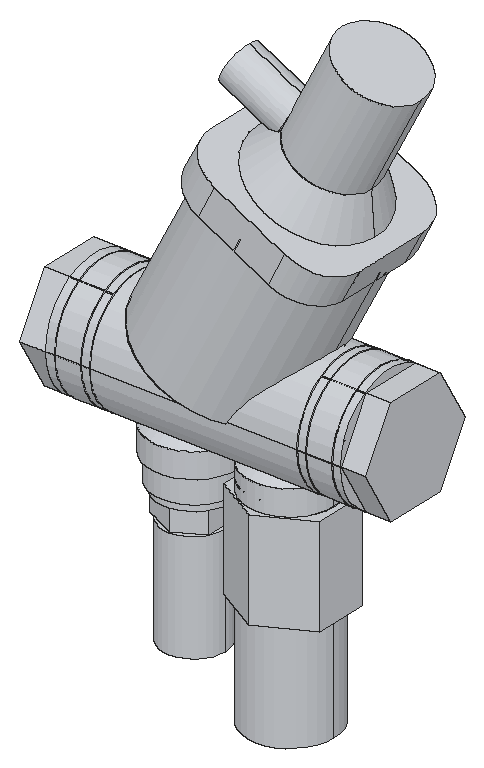
Revit family "PV_Compact_DN020_  5-30_FF_měř-vyp_RFA_2018", category Pipe Accessories, Revit 2018
Family settings
  Round Connector Dimension = Use Diameter
  Part Type = Valve - Breaks Into
  Work Plane-Based = No
  Always vertical = Yes
  Cut with Voids When Loaded = No
  Shared = No
Parameters (values of type "PV Compact DN20 FF s měřením a vypouštěním ( 5-30kPa)")
  magiProductId = "3c7d936801344d2a9486b3d5f20c15"
  magiProductFamilyId = "88c57951ecb64b5d83dd1d4eb8fc72"
  magiPartTypeId = 304
  isMeasuringValve [instance] = no
  ang2D [instance] = 0.00°
  Z7 = 15 mm
  Z6 = 24.6 mm
  Z5 = 57.4 mm
  Z4 = 49.2 mm
  Z3 = 8.2 mm
  Z2 = 41 mm
  XR3 = 30 mm
  XR2 = 25 mm
  XR1 = 13 mm
  W2D = 15 mm
  VersionID = "2.0/2018.12.13.2/FRESE_PV_COMPACT_PLUG_Q13_001"
  Use Minimum Symbol Size [instance] = no
  URL = "www.hydronic.cz"
  Type Comments = "závitový s vnitřním závitem; s měřicí vsuvkou a vypouštěním; PN25; dpmax=450kPa; -10~+120°C"
  R5 = 5 mm
  R4 = 15 mm
  R3 = 10 mm
  R2 = 14 mm
  R1 = 19 mm
  QmdConnectorList = "301;D;302;D"
  Productdata [instance] = ""
  PH__ve = -PH  # -22.4 mm
  PH = 22.4 mm
  NL__ve = -NL  # -15.8 mm
  NL = 15.8 mm
  Manufacturer = "Hydronic Systems Prague s.r.o."
  MC Use Limits From Balancing Method = no
  MC Throttling Minimum Value = 0
  MC Throttling Maximum Value = 0
  MC Product Code = "53-3244 DN20; FF; nastavitelný rozsah dp=5~30kPa; Q=100~1000l/h;  kvs=3,5"
  MC Pressure Drop Minimum Value = 0.0 Pa
  MC Pressure Drop Maximum Value = 0.0 Pa
  MC Piping Given Pressure Drop [instance] = 0.0 Pa
  M5 = 33.7 mm
  M4 = 31.7 mm
  M3 = 25.7 mm
  M2 = 23.7 mm
  LP = 39.5 mm
  LM = 47.4 mm
  LL__ve = -LL  # -5.7 mm
  LLT__ve = -LLT  # -14.9 mm
  LLT = 14.9 mm
  LL2 = 32 mm
  LL = 5.7 mm
  L3 = 11 mm
  L2D_Min = 30.48 mm
  L2D = 65 mm
  Description = "Nastavitelný regulátor tlakové diference"
  DR1 = yes
  DR0 = no
  DL2 = 66 mm
  D = 20 mm
  CenSd_R2_6 = R2 * cos(30.00°)  # 12.124 mm
  CAT0 = yes
  C0D1 = yes
  C0D0 = no
Types (10, lengths in mm): name | magiProductId | Z6 | Z5 | Z4 | Z3 | Z2 | XR3 | XR2 | XR1 | R2 | R1 | PH__ve | PH | NL__ve | NL | MC Product Code | M5 | M4 | M3 | M2 | LP | LM | LL__ve | LLT__ve | LLT | LL2 | LL | L3 | DL2 | D | CenSd_R2_6
  PV Compact DN15 FF s měřením a vypouštěním (20-60kPa) | "ebd4dd38c61a47e78db1b31e427098" | 24.6 | 57.4 | 49.2 | 8.2 | 41 | 30 | 25 | 13 | 14 | 19 | -22.4 | 22.4 | -15 | 15 | "53-3243 DN15; FF; nastavitelný rozsah dp=20~60kPa; Q=100~1000l/h;  kvs=2,9" | 32.5 | 30.5 | 24.5 | 22.5 | 37.5 | 45 | -5.7 | -14.9 | 14.9 | 32 | 5.7 | 11 | 66 | 15 | 12.124
  PV Compact DN15 FF s měřením a vypouštěním ( 5-30kPa) | "1e13aaf8f1b54965adca1ab26bd771" | 24.6 | 57.4 | 49.2 | 8.2 | 41 | 30 | 25 | 13 | 14 | 19 | -22.4 | 22.4 | -15 | 15 | "53-3242 DN15; FF; nastavitelný rozsah dp=5~30kPa; Q=50~600l/h;  kvs=2,9" | 32.5 | 30.5 | 24.5 | 22.5 | 37.5 | 45 | -5.7 | -14.9 | 14.9 | 32 | 5.7 | 11 | 66 | 15 | 12.124
  PV Compact DN20 FF s měřením a vypouštěním (20-60kPa) | "6d4e29c475624129ae1d8630218e83" | 24.6 | 57.4 | 49.2 | 8.2 | 41 | 30 | 25 | 13 | 14 | 19 | -22.4 | 22.4 | -15.8 | 15.8 | "53-3245 DN20; FF; nastavitelný rozsah dp=20~60kPa; Q=150~2000l/h;  kvs=3,5" | 33.7 | 31.7 | 25.7 | 23.7 | 39.5 | 47.4 | -5.7 | -14.9 | 14.9 | 32 | 5.7 | 11 | 66 | 20 | 12.124
  PV Compact DN20 FF s měřením a vypouštěním ( 5-30kPa) | "3c7d936801344d2a9486b3d5f20c15" | 24.6 | 57.4 | 49.2 | 8.2 | 41 | 30 | 25 | 13 | 14 | 19 | -22.4 | 22.4 | -15.8 | 15.8 | "53-3244 DN20; FF; nastavitelný rozsah dp=5~30kPa; Q=100~1000l/h;  kvs=3,5" | 33.7 | 31.7 | 25.7 | 23.7 | 39.5 | 47.4 | -5.7 | -14.9 | 14.9 | 32 | 5.7 | 11 | 66 | 20 | 12.124
  PV Compact DN25 FF s měřením a vypouštěním ( 5-30kPa) | "40b783a088714ff8af367f7ba18a04" | 25.5 | 59.5 | 51 | 8.5 | 42.5 | 30 | 25 | 13 | 14 | 19 | -22.8 | 22.8 | -16.6 | 16.6 | "53-3251 DN25; FF; nastavitelný rozsah dp=5~30kPa; Q=600~2100l/h;  kvs=4,0" | 34.9 | 32.9 | 26.9 | 24.9 | 41.5 | 49.8 | -5.9 | -16.3 | 16.3 | 34 | 5.9 | 11 | 68 | 25 | 12.124
  PV Compact DN25L FF s měřením a vypouštěním (20-80kPa) | "7052257d0cc94620b8f60c4ac85ccd" | 40.2 | 93.8 | 80.4 | 13.4 | 67 | 42.5 | 37.5 | 25.5 | 26.5 | 31.5 | -23.6 | 23.6 | -20 | 20 | "53-3247 DN25; FF; nastavitelný rozsah dp=20~80kPa; Q=750~4200l/h;  kvs=8,7" | 40 | 38 | 32 | 30 | 50 | 60 | -6.3 | -19.1 | 19.1 | 38 | 6.3 | 11 | 72 | 25 | 22.95
  PV Compact DN25L FF s měřením a vypouštěním ( 5-30kPa) | "006ff7ff77e34fd39e52f3f4c37192" | 40.2 | 93.8 | 80.4 | 13.4 | 67 | 42.5 | 37.5 | 25.5 | 26.5 | 31.5 | -23.6 | 23.6 | -20 | 20 | "53-3246 DN25L; FF; nastavitelný rozsah dp=5~30kPa; Q=600~2500l/h;  kvs=8,7" | 40 | 38 | 32 | 30 | 50 | 60 | -6.3 | -19.1 | 19.1 | 38 | 6.3 | 11 | 72 | 25 | 22.95
  PV Compact DN32 FF s měřením a vypouštěním (20-80kPa) | "e53839f5e58040c69ad69dcf8b7122" | 40.2 | 93.8 | 80.4 | 13.4 | 67 | 42.5 | 37.5 | 25.5 | 26.5 | 31.5 | -24.6 | 24.6 | -20.8 | 20.8 | "53-3248 DN32; FF; nastavitelný rozsah dp=20~80kPa; Q=1000~5000l/h;  kvs=10,1" | 41.2 | 39.2 | 33.2 | 31.2 | 52 | 62.4 | -6.8 | -22.6 | 22.6 | 43 | 6.8 | 25 | 77 | 32 | 22.95
  PV Compact DN40 FF s měřením a vypouštěním (20-80kPa) | "edae53f0ee9843aa9c005a0dbc2db4" | 46.8 | 109.2 | 93.6 | 15.6 | 78 | 42.5 | 37.5 | 25.5 | 26.5 | 31.5 | -25.2 | 25.2 | -27.6 | 27.6 | "53-3249 DN40; FF; nastavitelný rozsah dp=20~80kPa; Q=3000~8000l/h;  kvs=15,8" | 51.4 | 49.4 | 43.4 | 41.4 | 69 | 82.8 | -7.1 | -24.7 | 24.7 | 46 | 7.1 | 25 | 80 | 40 | 22.95
  PV Compact DN50 FF s měřením a vypouštěním (20-80kPa) | "7572286e99104aaeaae4a504f9a6dd" | 46.8 | 109.2 | 93.6 | 15.6 | 78 | 42.5 | 37.5 | 25.5 | 35.25 | 31.5 | -26.4 | 26.4 | -27.6 | 27.6 | "53-3250 DN50; FF; nastavitelný rozsah dp=20~80kPa; Q=5000~11500l/h;  kvs=16,2" | 51.4 | 49.4 | 43.4 | 41.4 | 69 | 82.8 | -7.7 | -28.9 | 28.9 | 52 | 7.7 | 25 | 86 | 50 | 30.527
Reference planes
  plane 1 "Center (Front/Back)": y = 0
  plane 2 "XYPLANE": z = 0
  plane 3 "Center (Left/Right)": x = 0
  plane 4 "408": x = 39.5
  plane 5 "407": x = -39.5
  plane 6 "402": z = -66
  plane 7 "213": x = 11
  plane 8 "168": z = -10.9
  plane 9 "167": z = -12.9
  plane 10 "166": z = -18.6
  plane 11 "165": z = -24.3
  plane 12 "164": z = -26.3
  plane 13 "154": z = 0
  plane 14 "152": y = 0
  plane 15 "151": z = -32
  plane 16 "150": x = -11
  plane 17 "75": through (318.218, 0, 679.605) normal (0.891, 0, -0.454)
  plane 18 "74": x = 33.7
  plane 19 "73": x = 31.7
  plane 20 "72": x = 25.7
  plane 21 "71": x = 23.7
  plane 22 "70": x = -33.7
  plane 23 "69": x = -31.7
  plane 24 "68": x = -25.7
  plane 25 "67": y = 0
  plane 26 "66": through (-666.893, 0, 343.166) normal (0.454, 0, 0.891)
  plane 27 "65": x = -23.7
  plane 28 "64": through (335.147, 0, 670.979) normal (0.891, 0, -0.454)
  plane 29 "63": through (-649.641, 0, 377.024) normal (0.454, 0, 0.891)
  plane 30 "62": through (352.076, 0, 662.353) normal (0.891, 0, -0.454)
  plane 31 "61": y = 19
  plane 32 "60": y = -19
  plane 33 "59": through (-645.919, 0, 384.33) normal (0.454, 0, 0.891)
  plane 34 "58": through (-642.196, 0, 391.637) normal (0.454, 0, 0.891)
  plane 35 "57": through (313.763, 0, 681.875) normal (0.891, 0, -0.454)
  plane 36 "56": x = 0
  plane 37 "55": through (-668.255, 0, 340.493) normal (0.454, 0, 0.891)
  plane 38 "102XY": through (-668.255, 0, 340.493) normal (0.454, 0, 0.891)
  plane 39 "102XZ": y = 0
  plane 40 "102YZ": through (340.493, 0, 668.255) normal (0.891, 0, -0.454)
Forms (mm)
  Extrusion 1, solid
    sketch origin (39.5, -750, 0) x (0, 1, 0) y (0, 0, 1)
      loop
        line (764, 0) -> (757, 12.124) -> (743, 12.124) -> (736, 0) -> (743, -12.124) -> (757, -12.124) -> (764, 0)
    from 0 to -15.8 <- "NL__ve"
  Extrusion 2, solid
    sketch origin (-39.5, -750, 0) x (0, 1, 0) y (0, 0, 1)
      loop
        line (736, 0) -> (743, -12.124) -> (757, -12.124) -> (764, 0) -> (757, 12.124) -> (743, 12.124) -> (736, 0)
    from 0 to 15.8 <- "NL"
  Extrusion 3, solid, visible <- "C0D1"
    sketch origin (-750, 0, -66) x (1, 0, 0) y (0, 1, 0)
      loop
        circle (761, 0) r 10
    from 0 to 50
  Extrusion 4, solid, visible <- "DR1"
    sketch origin (-750, 0, -18.6) x (1, 0, 0) y (0, 1, 0)
      loop
        line (761, -12) -> (772.592, -6) -> (772.592, 6) -> (761, 12) -> (750.608, 6) -> (750.608, -6) -> (761, -12)
    from 0 to -22.4 <- "PH__ve"
  Extrusion 5, solid, visible <- "DR1"
    sketch origin (-750, 0, -18.6) x (1, 0, 0) y (0, 1, 0)
      loop
        circle (761, 0) r 10
    from 0 to 5.7 <- "LL"
  Blend 6, solid, visible <- "DR1"
    base sketch origin (-750, 0, -10.9) x (1, 0, 0) y (0, 1, 0)
      loop
        circle (761, 0) r 7.5
    top sketch origin (-750, 0, -10.9) x (1, 0, 0) y (0, 1, 0)
      loop
        circle (761, 0) r 10
    from 0 to -2
  Extrusion 7, solid, visible <- "DR1"
    sketch origin (-750, 0, 0) x (1, 0, 0) y (0, 1, 0)
      loop
        circle (761, 0) r 7.5
    from 0 to -14.9 <- "LLT__ve"
  Extrusion 8, solid, visible <- "C0D0"
    sketch origin (-750, 0, -32) x (1, 0, 0) y (0, 1, 0)
      loop
        circle (761, 0) r 6
    from 0 to -25
  Extrusion 9, solid, visible <- "DR0"
    sketch origin (-750, 0, -26.3) x (1, 0, 0) y (0, 1, 0)
      loop
        line (761, -7) -> (768.262, -3.5) -> (768.262, 3.5) -> (761, 7) -> (754.938, 3.5) -> (754.938, -3.5) -> (761, -7)
    from 0 to -5.7 <- "LL__ve"
  Extrusion 10, solid, visible <- "DR0"
    sketch origin (-750, 0, -26.3) x (1, 0, 0) y (0, 1, 0)
      loop
        circle (761, 0) r 7
    from 0 to 2
  Extrusion 11, solid, visible <- "DR0"
    sketch origin (-750, 0, -18.6) x (1, 0, 0) y (0, 1, 0)
      loop
        circle (761, 0) r 9
    from 0 to 5.7 <- "LL"
  Blend 12, solid, visible <- "DR0"
    base sketch origin (-750, 0, -10.9) x (1, 0, 0) y (0, 1, 0)
      loop
        circle (761, 0) r 6.5
    top sketch origin (-750, 0, -10.9) x (1, 0, 0) y (0, 1, 0)
      loop
        circle (761, 0) r 9
    from 0 to -2
  Extrusion 13, solid, visible <- "DR0"
    sketch origin (-750, 0, 0) x (1, 0, 0) y (0, 1, 0)
      loop
        circle (761, 0) r 6.5
    from 0 to -14.9 <- "LLT__ve"
  Extrusion 14, solid, visible <- "DR0"
    sketch origin (-750, 0, 0) x (1, 0, 0) y (0, 1, 0)
      loop
        circle (761, 0) r 6.5
    from 0 to -14.9 <- "LLT__ve"
  Blend 15, solid, visible <- "DR0"
    base sketch origin (-750, 0, -10.9) x (1, 0, 0) y (0, 1, 0)
      loop
        circle (761, 0) r 6.5
    top sketch origin (-750, 0, -10.9) x (1, 0, 0) y (0, 1, 0)
      loop
        circle (761, 0) r 9
    from 0 to -2
  Extrusion 16, solid, visible <- "DR0"
    sketch origin (-750, 0, -18.6) x (1, 0, 0) y (0, 1, 0)
      loop
        circle (761, 0) r 9
    from 0 to 5.7 <- "LL"
  Extrusion 17, solid, visible <- "DR0"
    sketch origin (-750, 0, -24.3) x (1, 0, 0) y (0, 1, 0)
      loop
        circle (761, 0) r 8
    from 0 to 5.7 <- "LL"
  Extrusion 18, solid, visible <- "DR0"
    sketch origin (-750, 0, -26.3) x (1, 0, 0) y (0, 1, 0)
      loop
        circle (761, 0) r 7
    from 0 to 2
  Extrusion 19, solid, visible <- "DR0"
    sketch origin (-750, 0, -26.3) x (1, 0, 0) y (0, 1, 0)
      loop
        line (761, -7) -> (768.262, -3.5) -> (768.262, 3.5) -> (761, 7) -> (754.938, 3.5) -> (754.938, -3.5) -> (761, -7)
    from 0 to -5.7 <- "LL__ve"
  Extrusion 20, solid, visible <- "C0D0"
    sketch origin (-750, 0, -32) x (1, 0, 0) y (0, 1, 0)
      loop
        circle (761, 0) r 6
    from 0 to -25
  Extrusion 21, solid, visible <- "CAT0"
    sketch origin (-750, 0, -32) x (1, 0, 0) y (0, 1, 0)
      loop
        circle (739, 0) r 7.2
    from 0 to -25
  Extrusion 22, solid
    sketch origin (-750, 0, -26.3) x (1, 0, 0) y (0, 1, 0)
      loop
        line (739, -7) -> (745.062, -3.5) -> (745.062, 3.5) -> (739, 7) -> (731.738, 3.5) -> (731.738, -3.5) -> (739, -7)
    from 0 to -5.7 <- "LL__ve"
  Extrusion 23, solid
    sketch origin (-750, 0, -26.3) x (1, 0, 0) y (0, 1, 0)
      loop
        circle (739, 0) r 8.2
    from 0 to 2
  Extrusion 24, solid
    sketch origin (-750, 0, -24.3) x (1, 0, 0) y (0, 1, 0)
      loop
        circle (739, 0) r 9.2
    from 0 to 5.7 <- "LL"
  Extrusion 25, solid
    sketch origin (-750, 0, -18.6) x (1, 0, 0) y (0, 1, 0)
      loop
        circle (739, 0) r 10.2
    from 0 to 5.7 <- "LL"
  Blend 26, solid
    base sketch origin (-750, 0, -10.9) x (1, 0, 0) y (0, 1, 0)
      loop
        circle (739, 0) r 7.7
    top sketch origin (-750, 0, -10.9) x (1, 0, 0) y (0, 1, 0)
      loop
        circle (739, 0) r 10.2
    from 0 to -2
  Extrusion 27, solid
    sketch origin (-750, 0, 0) x (1, 0, 0) y (0, 1, 0)
      loop
        circle (739, 0) r 7.7
    from 0 to -14.9 <- "LLT__ve"
  Blend 28, solid, visible <- "CAT0"
    base sketch origin (31.7, -750, 0) x (0, 1, 0) y (0, 0, 1)
      loop
        circle (750, 0) r 14
    top sketch origin (31.7, -750, 0) x (0, 1, 0) y (0, 0, 1)
      loop
        circle (750, 0) r 14
    from 0 to 2
  Extrusion 29, solid, visible <- "CAT0"
    sketch origin (25.7, -750, 0) x (0, 1, 0) y (0, 0, 1)
      loop
        circle (750, 0) r 14
    from 0 to 6
  Blend 30, solid, visible <- "CAT0"
    base sketch origin (23.7, -750, 0) x (0, 1, 0) y (0, 0, 1)
      loop
        circle (750, 0) r 14
    top sketch origin (23.7, -750, 0) x (0, 1, 0) y (0, 0, 1)
      loop
        circle (750, 0) r 14
    from 0 to 2
  Blend 31, solid, visible <- "CAT0"
    base sketch origin (-31.7, -750, 0) x (0, 1, 0) y (0, 0, 1)
      loop
        circle (750, 0) r 14
    top sketch origin (-31.7, -750, 0) x (0, 1, 0) y (0, 0, 1)
      loop
        circle (750, 0) r 14
    from 0 to -2
  Extrusion 32, solid, visible <- "CAT0"
    sketch origin (-31.7, -750, 0) x (0, 1, 0) y (0, 0, 1)
      loop
        circle (750, 0) r 14
    from 0 to 6
  Blend 33, solid, visible <- "CAT0"
    base sketch origin (-25.7, -750, 0) x (0, 1, 0) y (0, 0, 1)
      loop
        circle (750, 0) r 14
    top sketch origin (-25.7, -750, 0) x (0, 1, 0) y (0, 0, 1)
      loop
        circle (750, 0) r 14
    from 0 to 2
  Extrusion 34, solid, visible <- "CAT0"
    sketch origin (-23.7, -750, 0) x (0, 1, 0) y (0, 0, 1)
      loop
        circle (750, 0) r 14
    from 0 to 47.4 <- "LM"
  Extrusion 35, solid, visible <- "CAT0"
    sketch origin (-666.893, 0, 343.166) x (0.891007, 0, -0.45399) y (0, 1, 0)
      loop
        circle (744, 0) r 19
    from 0 to 41 <- "Z2"
  Extrusion 36, solid, visible <- "CAT0"
    sketch origin (-649.641, 0, 377.024) x (0.891007, 0, -0.45399) y (0, 1, 0)
      loop
        arc (735, 19) -> (727.929, 16.071) -> (725, 9) r 10
        line (725, 9) -> (725, -9)
        arc (725, -9) -> (727.929, -16.071) -> (735, -19) r 10
        line (735, -19) -> (753, -19)
        arc (753, -19) -> (760.071, -16.071) -> (763, -9) r 10
        line (763, -9) -> (763, 9)
        arc (763, 9) -> (760.071, 16.071) -> (753, 19) r 10
        line (753, 19) -> (735, 19)
    from 0 to 8.2 <- "Z3"
  Blend 37, solid, visible <- "CAT0"
    base sketch origin (-645.919, 0, 384.33) x (0.891007, 0, -0.45399) y (0, 1, 0)
      loop
        circle (744, 0) r 15
    top sketch origin (-645.919, 0, 384.33) x (0.891007, 0, -0.45399) y (0, 1, 0)
      loop
        circle (744, 0) r 10
    from 0 to 8.2
  Extrusion 38, solid, visible <- "CAT0"
    sketch origin (-642.196, 0, 391.637) x (0.891007, 0, -0.45399) y (0, 1, 0)
      loop
        circle (744, 0) r 10
    from 0 to 24.6 <- "Z6"
  Extrusion 39, solid, visible <- "CAT0"
    sketch origin (313.763, 0, 681.875) x (-0.45399, 0, -0.891007) y (0, 1, 0)
      loop
        circle (692.6, 0) r 5
    from 0 to 15 <- "Z7"
  Blend 40, solid, visible <- "CAT0"
    base sketch origin (-668.255, 0, 340.493) x (0.891007, 0, -0.45399) y (0, 1, 0)
      loop
        circle (744, 0) r 15
    top sketch origin (-668.255, 0, 340.493) x (0.891007, 0, -0.45399) y (0, 1, 0)
      loop
        circle (744, 0) r 19
    from 0 to 3
  Extrusion 41, solid, not visible
    sketch origin (-33.7, -750, 0) x (0, 1, 0) y (0, 0, 1)
      loop
        circle (750, 0) r 10
    from 0 to 10
  Extrusion 42, solid, not visible
    sketch origin (33.7, -750, 0) x (0, 1, 0) y (0, 0, 1)
      loop
        circle (750, 0) r 10
    from 0 to -10
Lines and regions (mm)
  reference lines, not visible
    curve 1: circle (2, 2, 0) r 1 normal (0, 0, 1)
  reference lines
    curve 2: line (39.5, 0, 0) -> (39.5, -3.5, 6.062)
    curve 3: line (39.5, 0, 0) -> (39.5, -7, 0)
    curve 4: line (39.5, 0, 0) -> (39.5, -3.5, -6.062)
    curve 5: line (-39.5, 0, 0) -> (-39.5, 3.5, 6.062)
    curve 6: line (-39.5, 0, 0) -> (-39.5, 7, 0)
    curve 7: line (-39.5, 0, 0) -> (-39.5, 3.5, -6.062)
Dimensions and locks
  plane 1 "Center (Front/Back)" to curve 1 = 2 mm
  "LP": plane 36 "56" to plane 4 "408"
  "LP": plane 36 "56" to plane 5 "407"
  "DL2": plane 2 "XYPLANE" to plane 6 "402"
  "L3": plane 3 "Center (Left/Right)" to plane 7 "213"
  locked: plane 9 "167" to plane 8 "168" at 2
  "LL": plane 10 "166" to plane 9 "167"
  "LL": plane 11 "165" to plane 10 "166"
  locked: plane 12 "164" to plane 11 "165" at 2
  "LL": plane 15 "151" to plane 12 "164"
  locked: plane 2 "XYPLANE" to plane 13 "154"
  locked: plane 1 "Center (Front/Back)" to plane 14 "152"
  "LL2": plane 2 "XYPLANE" to plane 15 "151"
  "L3": plane 3 "Center (Left/Right)" to plane 16 "150"
  "XR2": plane 40 "102YZ" to plane 17 "75"
  "M5": plane 3 "Center (Left/Right)" to plane 18 "74"
  "M4": plane 3 "Center (Left/Right)" to plane 19 "73"
  "M3": plane 3 "Center (Left/Right)" to plane 20 "72"
  "M2": plane 3 "Center (Left/Right)" to plane 21 "71"
  "M5": plane 3 "Center (Left/Right)" to plane 22 "70"
  "M4": plane 3 "Center (Left/Right)" to plane 23 "69"
  "M3": plane 3 "Center (Left/Right)" to plane 24 "68"
  locked: plane 14 "152" to plane 25 "67"
  locked: plane 38 "102XY" to plane 26 "66" at 3
  "M2": plane 3 "Center (Left/Right)" to plane 27 "65"
  locked: plane 40 "102YZ" to plane 28 "64" at 6
  "Z2": plane 38 "102XY" to plane 29 "63"
  "XR1": plane 40 "102YZ" to plane 30 "62"
  "R1": plane 14 "152" to plane 31 "61"
  "R1": plane 14 "152" to plane 32 "60"
  "Z4": plane 38 "102XY" to plane 33 "59"
  "Z5": plane 38 "102XY" to plane 34 "58"
  "XR3": plane 40 "102YZ" to plane 35 "57"
  locked: plane 3 "Center (Left/Right)" to plane 36 "56"
  locked: plane 38 "102XY" to plane 37 "55"
  "CenSd_R2_6": curve 2 to Extrusion 1 sketch curve  (x2)
  "CenSd_R2_6": curve 3 to Extrusion 1 sketch curve  (x2)
  "CenSd_R2_6": curve 4 to Extrusion 1 sketch curve  (x2)
  Extrusion 1 sketch curve to Extrusion 1 sketch curve = 0 mm  (x12)
  "CenSd_R2_6": curve 5 to Extrusion 2 sketch curve  (x2)
  "CenSd_R2_6": curve 6 to Extrusion 2 sketch curve  (x2)
  "CenSd_R2_6": curve 7 to Extrusion 2 sketch curve  (x2)
  Extrusion 2 sketch curve to Extrusion 2 sketch curve = 0 mm  (x12)
  Extrusion 4 sketch curve to Extrusion 4 sketch curve = 0 mm  (x12)
  Extrusion 9 sketch curve to Extrusion 9 sketch curve = 0 mm  (x12)
  Extrusion 19 sketch curve to Extrusion 19 sketch curve = 0 mm  (x12)
  Extrusion 22 sketch curve to Extrusion 22 sketch curve = 0 mm  (x12)
  Extrusion 36 sketch curve to Extrusion 36 sketch curve = 0 mm  (x16)
  "R2": radius of Blend 28 sketch curve  (x2)
  "R2": radius of Extrusion 29 sketch curve
  "R2": radius of Blend 30 sketch curve  (x2)
  "R2": radius of Blend 31 sketch curve  (x2)
  "R2": radius of Extrusion 32 sketch curve
  "R2": radius of Blend 33 sketch curve  (x2)
  "R2": radius of Extrusion 34 sketch curve
  "R1": radius of Extrusion 35 sketch curve
  radius of Extrusion 36 sketch curve = 10 mm  (x4)
  "R3": radius of Blend 37 sketch curve
  "R4": radius of Blend 37 sketch curve
  "R3": radius of Extrusion 38 sketch curve
  "R5": radius of Extrusion 39 sketch curve
  "R1": radius of Blend 40 sketch curve
  locked: curve 3 to curve 2 (angle 60.00°)
  locked: curve 4 to curve 3 (angle 60.00°)
  locked: curve 4 to curve 2 (angle 120.00°)
  locked: curve 6 to curve 5 (angle 60.00°)
  locked: curve 7 to curve 6 (angle 60.00°)
  locked: curve 7 to curve 5 (angle 120.00°)
  aligned and locked: level to plane 2 "XYPLANE"
  aligned and locked: plane 13 "154" to curve 4
  aligned and locked: curve 4 to plane 14 "152"
  aligned and locked: plane 13 "154" to curve 7
  aligned and locked: curve 7 to plane 14 "152"
  aligned and locked: plane 7 "213" to Extrusion 3 sketch curve
  aligned and locked: plane 14 "152" to Extrusion 3 sketch curve
  aligned and locked: plane 7 "213" to Extrusion 5 sketch curve
  aligned and locked: plane 14 "152" to Extrusion 5 sketch curve
  aligned and locked: plane 7 "213" to Blend 6 sketch curve  (x2)
  aligned and locked: plane 14 "152" to Blend 6 sketch curve  (x2)
  aligned and locked: Blend 6 to plane 9 "167"
  aligned and locked: plane 7 "213" to Extrusion 7 sketch curve
  aligned and locked: plane 14 "152" to Extrusion 7 sketch curve
  aligned and locked: plane 7 "213" to Extrusion 8 sketch curve
  aligned and locked: plane 14 "152" to Extrusion 8 sketch curve
  aligned and locked: plane 7 "213" to Extrusion 10 sketch curve
  aligned and locked: plane 14 "152" to Extrusion 10 sketch curve
  aligned and locked: plane 7 "213" to Extrusion 11 sketch curve
  aligned and locked: plane 14 "152" to Extrusion 11 sketch curve
  aligned and locked: plane 7 "213" to Blend 12 sketch curve  (x2)
  aligned and locked: plane 14 "152" to Blend 12 sketch curve  (x2)
  aligned and locked: Blend 12 to plane 9 "167"
  aligned and locked: plane 7 "213" to Extrusion 13 sketch curve
  aligned and locked: plane 14 "152" to Extrusion 13 sketch curve
  aligned and locked: plane 7 "213" to Extrusion 14 sketch curve
  aligned and locked: plane 14 "152" to Extrusion 14 sketch curve
  aligned and locked: plane 7 "213" to Blend 15 sketch curve  (x2)
  aligned and locked: plane 14 "152" to Blend 15 sketch curve  (x2)
  aligned and locked: Blend 15 to plane 9 "167"
  aligned and locked: plane 7 "213" to Extrusion 16 sketch curve
  aligned and locked: plane 14 "152" to Extrusion 16 sketch curve
  aligned and locked: plane 7 "213" to Extrusion 17 sketch curve
  aligned and locked: plane 14 "152" to Extrusion 17 sketch curve
  aligned and locked: plane 7 "213" to Extrusion 18 sketch curve
  aligned and locked: plane 14 "152" to Extrusion 18 sketch curve
  aligned and locked: plane 7 "213" to Extrusion 20 sketch curve
  aligned and locked: plane 14 "152" to Extrusion 20 sketch curve
  aligned and locked: plane 14 "152" to Extrusion 21 sketch curve
  aligned and locked: plane 16 "150" to Extrusion 21 sketch curve
  aligned and locked: plane 14 "152" to Extrusion 23 sketch curve
  aligned and locked: plane 16 "150" to Extrusion 23 sketch curve
  aligned and locked: plane 14 "152" to Extrusion 24 sketch curve
  aligned and locked: plane 16 "150" to Extrusion 24 sketch curve
  aligned and locked: plane 14 "152" to Extrusion 25 sketch curve
  aligned and locked: plane 16 "150" to Extrusion 25 sketch curve
  aligned and locked: plane 14 "152" to Blend 26 sketch curve  (x2)
  aligned and locked: plane 16 "150" to Blend 26 sketch curve  (x2)
  aligned and locked: Blend 26 to plane 9 "167"
  aligned and locked: plane 14 "152" to Extrusion 27 sketch curve
  aligned and locked: plane 16 "150" to Extrusion 27 sketch curve
  aligned and locked: plane 13 "154" to Blend 28 sketch curve  (x2)
  aligned and locked: Blend 28 sketch curve to plane 14 "152"  (x2)
  aligned and locked: plane 18 "74" to Blend 28
  aligned and locked: plane 13 "154" to Extrusion 29 sketch curve
  aligned and locked: Extrusion 29 sketch curve to plane 14 "152"
  aligned and locked: plane 13 "154" to Blend 30 sketch curve  (x2)
  aligned and locked: Blend 30 sketch curve to plane 14 "152"  (x2)
  aligned and locked: plane 20 "72" to Blend 30
  aligned and locked: plane 13 "154" to Blend 31 sketch curve  (x2)
  aligned and locked: Blend 31 sketch curve to plane 14 "152"  (x2)
  aligned and locked: Blend 31 to plane 22 "70"
  aligned and locked: plane 13 "154" to Extrusion 32 sketch curve
  aligned and locked: Extrusion 32 sketch curve to plane 14 "152"
  aligned and locked: plane 13 "154" to Blend 33 sketch curve  (x2)
  aligned and locked: Blend 33 sketch curve to plane 14 "152"  (x2)
  aligned and locked: plane 27 "65" to Blend 33
  aligned and locked: plane 13 "154" to Extrusion 34 sketch curve
  aligned and locked: Extrusion 34 sketch curve to plane 14 "152"
  aligned and locked: plane 25 "67" to Extrusion 35 sketch curve
  aligned and locked: Extrusion 35 sketch curve to plane 28 "64"
  aligned and locked: Extrusion 36 sketch curve to plane 17 "75"
  aligned and locked: Extrusion 36 sketch curve to plane 32 "60"
  aligned and locked: Extrusion 36 sketch curve to plane 30 "62"
  aligned and locked: plane 31 "61" to Extrusion 36 sketch curve
  aligned and locked: plane 25 "67" to Blend 37 sketch curve  (x2)
  aligned and locked: Blend 37 sketch curve to plane 28 "64"  (x2)
  aligned and locked: plane 34 "58" to Blend 37
  aligned and locked: plane 25 "67" to Extrusion 38 sketch curve
  aligned and locked: Extrusion 38 sketch curve to plane 28 "64"
  aligned and locked: plane 25 "67" to Extrusion 39 sketch curve
  aligned and locked: plane 34 "58" to Extrusion 39 sketch curve
  aligned and locked: plane 25 "67" to Blend 40 sketch curve  (x2)
  aligned and locked: Blend 40 sketch curve to plane 28 "64"  (x2)
  aligned and locked: plane 26 "66" to Blend 40
  aligned and locked: plane 13 "154" to Extrusion 41 sketch curve
  aligned and locked: Extrusion 41 sketch curve to plane 14 "152"
  aligned and locked: plane 13 "154" to Extrusion 42 sketch curve
  aligned and locked: Extrusion 42 sketch curve to plane 14 "152"
Automatic sketch dimensions
  plane 3 "Center (Left/Right)" to Extrusion 3 sketch curve = 1 mm
  Extrusion 4 sketch curve to plane 7 "213" = 0 mm  (x2)
  plane 3 "Center (Left/Right)" to Extrusion 4 sketch curve = 0.608 mm
  Extrusion 4 sketch curve to plane 21 "71" = 1.108 mm
  plane 32 "60" to Extrusion 4 sketch curve = 7 mm
  plane 1 "Center (Front/Back)" to Extrusion 4 sketch curve = 6 mm  (x2)
  Extrusion 4 sketch curve to plane 1 "Center (Front/Back)" = 6 mm  (x2)
  Extrusion 4 sketch curve to plane 31 "61" = 7 mm
  plane 3 "Center (Left/Right)" to Extrusion 5 sketch curve = 1 mm
  plane 3 "Center (Left/Right)" to Blend 6 sketch curve = 3.5 mm
  plane 3 "Center (Left/Right)" to Blend 6 sketch curve = 1 mm
  plane 3 "Center (Left/Right)" to Extrusion 7 sketch curve = 3.5 mm
  plane 3 "Center (Left/Right)" to Extrusion 8 sketch curve = 5 mm
  Extrusion 9 sketch curve to plane 7 "213" = 0 mm  (x2)
  plane 3 "Center (Left/Right)" to Extrusion 9 sketch curve = 4.938 mm
  Extrusion 9 sketch curve to plane 21 "71" = 5.438 mm
  plane 1 "Center (Front/Back)" to Extrusion 9 sketch curve = 7 mm
  plane 1 "Center (Front/Back)" to Extrusion 9 sketch curve = 3.5 mm  (x2)
  Extrusion 9 sketch curve to plane 1 "Center (Front/Back)" = 3.5 mm  (x2)
  Extrusion 9 sketch curve to Extrusion 9 sketch curve = 3.5 mm
  plane 3 "Center (Left/Right)" to Extrusion 10 sketch curve = 4 mm
  plane 3 "Center (Left/Right)" to Extrusion 11 sketch curve = 2 mm
  plane 3 "Center (Left/Right)" to Blend 12 sketch curve = 4.5 mm
  plane 3 "Center (Left/Right)" to Blend 12 sketch curve = 2 mm
  plane 3 "Center (Left/Right)" to Extrusion 13 sketch curve = 4.5 mm
  plane 3 "Center (Left/Right)" to Extrusion 14 sketch curve = 4.5 mm
  plane 3 "Center (Left/Right)" to Blend 15 sketch curve = 4.5 mm
  plane 3 "Center (Left/Right)" to Blend 15 sketch curve = 2 mm
  plane 3 "Center (Left/Right)" to Extrusion 16 sketch curve = 2 mm
  plane 3 "Center (Left/Right)" to Extrusion 17 sketch curve = 3 mm
  plane 3 "Center (Left/Right)" to Extrusion 18 sketch curve = 4 mm
  Extrusion 19 sketch curve to plane 7 "213" = 0 mm  (x2)
  plane 3 "Center (Left/Right)" to Extrusion 19 sketch curve = 4.938 mm
  Extrusion 19 sketch curve to plane 21 "71" = 5.438 mm
  plane 1 "Center (Front/Back)" to Extrusion 19 sketch curve = 7 mm
  plane 1 "Center (Front/Back)" to Extrusion 19 sketch curve = 3.5 mm  (x2)
  Extrusion 19 sketch curve to plane 1 "Center (Front/Back)" = 3.5 mm  (x2)
  Extrusion 19 sketch curve to Extrusion 19 sketch curve = 3.5 mm
  plane 3 "Center (Left/Right)" to Extrusion 20 sketch curve = 5 mm
  plane 27 "65" to Extrusion 21 sketch curve = 5.5 mm
  Extrusion 22 sketch curve to plane 16 "150" = 0 mm  (x2)
  plane 27 "65" to Extrusion 22 sketch curve = 5.438 mm
  Extrusion 22 sketch curve to plane 3 "Center (Left/Right)" = 4.938 mm
  plane 1 "Center (Front/Back)" to Extrusion 22 sketch curve = 7 mm
  plane 1 "Center (Front/Back)" to Extrusion 22 sketch curve = 3.5 mm  (x2)
  Extrusion 22 sketch curve to plane 1 "Center (Front/Back)" = 3.5 mm  (x2)
  Extrusion 22 sketch curve to Extrusion 22 sketch curve = 3.5 mm
  plane 27 "65" to Extrusion 23 sketch curve = 4.5 mm
  plane 27 "65" to Extrusion 24 sketch curve = 3.5 mm
  plane 27 "65" to Extrusion 25 sketch curve = 2.5 mm
  plane 27 "65" to Blend 26 sketch curve = 5 mm
  plane 27 "65" to Blend 26 sketch curve = 2.5 mm
  plane 27 "65" to Extrusion 27 sketch curve = 5 mm
  plane 17 "75" to Blend 40 sketch curve = 4 mm
  plane 32 "60" to Extrusion 41 sketch curve = 9 mm
  plane 32 "60" to Extrusion 42 sketch curve = 9 mm
  plane 3 "Center (Left/Right)" to curve 1 = 2 mm
  radius of curve 1 = 1 mm
Connectors
  piping at (-33.7, 0, 0), diameter 20, driven by "D"
    settings: on Extrusion 41, index 1, connector inside diameter 609.6 mm, connector length 0 mm, flow factor 0, pipe flow 0.0 L/s, pressure drop 0.0 Pa, fitting loss kfactor 0, connector angle 0.00°, fixture units 0, engagement length 0 mm, angle of deflection 0.00°, flow configuration 0, flow direction 0, fitting loss method 0, system type 29, joint type 0, gender type 0, connector reference index 2, connector utility 0, adjustable connector no, is connector primary yes, connector description ""
  piping at (33.7, 0, 0), diameter 20, driven by "D"
    settings: on Extrusion 42, index 2, connector inside diameter 609.6 mm, connector length 0 mm, flow factor 0, pipe flow 0.0 L/s, pressure drop 0.0 Pa, fitting loss kfactor 0, connector angle 0.00°, fixture units 0, engagement length 0 mm, angle of deflection 0.00°, flow configuration 0, flow direction 0, fitting loss method 0, system type 29, joint type 0, gender type 0, connector reference index 1, connector utility 0, adjustable connector no, is connector primary no, connector description ""
